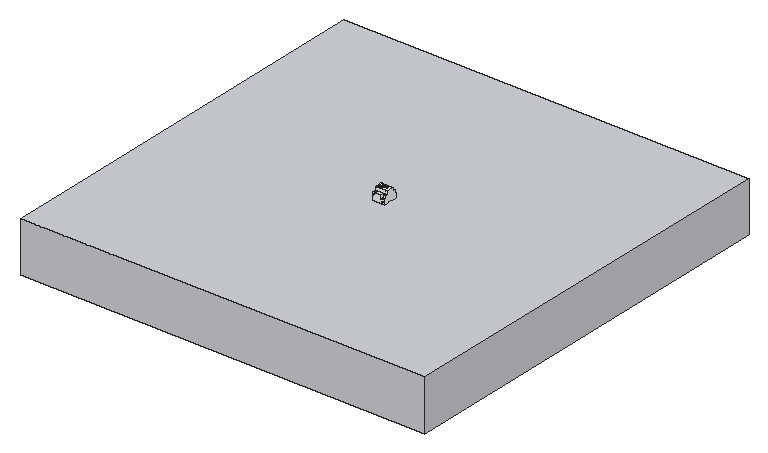
Revit family "Gira_216300", category Elektroinstallationen, Revit 2017
Family settings
  Basisbauteil = Fläche
  Beschriftungsausrichtung beibehalten = Nein
  Bemaßung runder Anschluss = Durchmesser verwenden
  Teiletyp = Normal
  Beim Laden mit Abzugskörper schneiden = Nein
  Gemeinsam genutzt = Nein
  Raumberechnungspunkt = Nein
Parameters (values of type "Fan Coil Aktor KNX REG")
  Zusammenstellung = ""
  Zulassung nach PTB = no
  Default Elevation = 1219.2 mm
  Vor Ort-/Handbedienung = no
  Verschiedene Phasen anschließbar = no
  URL = "https://www.gira.de/"
  Typname = "Fan Coil Aktor KNX REG"
  Type Comments = ""
  Tarifumschaltung = no
  Schutzart (IP) = ""
  S0 Impulsschnittstelle = ""
  Produktseite = "https://media.stage.bim.site/t/eyJhbGciOiJIUzI1NiIsInR5cCI6IkpXVCJ9.eyJjdCI6MiwidHUiOiJodHRwOi8va2F0YWxvZy5naXJhLmRlL2RlX0RFL2RhdGVuYmxhdHQuaHRtbD9hcnRpa2VsbnI9MjE2MzAwIiwiY2lkIjoiMzI3N2NjMjMtODFhOS00ZWUzLWE5MGEtYjQ3YmI0YzBiNjE2IiwicmlkIjoiOTE0NjYzOTk5MDk0OWZmY2E0YWNkMmE4OTJlM2Q2NjQiLCJwaWQiOiJlNTBhOGI5ZTExMDYyNGZjMzljNmQyZDBiM2FhNzZiNjE4NDMxN2JlIiwic2lkIjoiNjM0NzAiLCJ1dCI6MSwibGMiOiJkZSIsImlhdCI6MTYwMDkzMjUzNiwiaXNzIjoiaHR0cHM6Ly9hcGkubGl2ZS5iaW0uc2l0ZSIsInN1YiI6ImFkbWluQGJpbXNpdGUuZGV2In0.GERUVJsotfLL1zWdqta_mHi8urID8TjqKY9SIWa6F30"
  Montageart = "REG"
  Modulare Erweiterungsmöglichkeit = no
  Model = ""
  Mit LED-Anzeige = no
  Mit Busankopplung = no
  Max. Anzahl der Schaltausgänge = 2
  Kosten = 0
  Hersteller = "Gira"
  HeinzeBIM = "https://www.heinze.de/bim/fan-coil-aktor-knx-reg/e50a8b9e110624fc39c6d2d0b3aa76b6184317be"
  HAN = "216300"
  Geeignet für C-Last = no
  GTIN = "4010337059387"
  Datenblatt 1 = "https://media.stage.bim.site/t/eyJhbGciOiJIUzI1NiIsInR5cCI6IkpXVCJ9.eyJjdCI6MSwidGYiOiJwdWJsaWMvZ2lyYS9hZThjNTU3LzIxNjMwMC50eHQiLCJjaWQiOiIzMjc3Y2MyMy04MWE5LTRlZTMtYTkwYS1iNDdiYjRjMGI2MTYiLCJyaWQiOiI5MTQ2NjM5OTkwOTQ5ZmZjYTRhY2QyYTg5MmUzZDY2NCIsInBpZCI6ImU1MGE4YjllMTEwNjI0ZmMzOWM2ZDJkMGIzYWE3NmI2MTg0MzE3YmUiLCJzaWQiOiI2MzQ3MCIsInV0IjoxLCJsYyI6ImRlIiwiaWF0IjoxNjAwOTMyNTM2LCJpc3MiOiJodHRwczovL2FwaS5saXZlLmJpbS5zaXRlIiwic3ViIjoiYWRtaW5AYmltc2l0ZS5kZXYifQ.fJ5k89SCZ3ESrstxnHZRIFox0d2nTA3U3Halmq1x-G4/216300.txt"
  Datenblatt = "https://media.stage.bim.site/t/eyJhbGciOiJIUzI1NiIsInR5cCI6IkpXVCJ9.eyJjdCI6MSwidHUiOiJodHRwczovL2thdGFsb2cuZ2lyYS5kZS9kZV9ERS9kb3dubG9hZC5odG1sP2FydGlrZWxucj0yMTYzMDAiLCJjaWQiOiIzMjc3Y2MyMy04MWE5LTRlZTMtYTkwYS1iNDdiYjRjMGI2MTYiLCJyaWQiOiI5MTQ2NjM5OTkwOTQ5ZmZjYTRhY2QyYTg5MmUzZDY2NCIsInBpZCI6ImU1MGE4YjllMTEwNjI0ZmMzOWM2ZDJkMGIzYWE3NmI2MTg0MzE3YmUiLCJzaWQiOiI2MzQ3MCIsInV0IjoxLCJsYyI6ImRlIiwiaWF0IjoxNjAwOTMyNTM2LCJpc3MiOiJodHRwczovL2FwaS5saXZlLmJpbS5zaXRlIiwic3ViIjoiYWRtaW5AYmltc2l0ZS5kZXYifQ._lXrWSCF-98Omoc0D9cKTUxbJShBFtUNLKO2pcm8cxQ"
  Bussystem Powernet = no
  Bussystem LON = no
  Bussystem KNX-Funk = no
  Bussystem KNX = yes
  Bussystem Funkbus = no
  Busspannung pufferbar = no
  Busfähig = ""
  Breite in Teilungseinheiten = 4
  Blindleistung = no
  Beschreibung = "KNX Fan Coil Aktor  REG plus Merkmale:  Fan Coil Aktor zur Ansteuerung von Gebläsekonvektoren (Fan Coil Units), die zur Klimatisierung von Räumen eingesetzt werden.  Der Aktor empfängt Telegramme, z. B. von einem Raumtemperaturregler, und setzt die Stellgrößentelegramme in dazu äquivalente Lüfterstufen und Ventilstellungen um.  Anschluss eines Gebläsekonvektors mit bis zu sechs Lüfterstufen oder Anschluss von zwei Gebläsekonvektoren mit jeweils bis zu zwei Lüfterstufen bei 2-Rohr-Systemen.  Handbetätigung.  Baustellenbetrieb: Ausgänge manuell bedienbar ohne Busspannung nur mit der Betriebsspannung.  Betriebsarten für Heiz- oder Kühlbetrieb, oder kombinierten Heiz- und Kühlbetrieb.  2-Rohr- oder 4-Rohrbetrieb. 2-Rohrsystem heizt oder kühlt über eine gemeinsamen Wasserkreislauf. 4-Rohrsystem besteht aus getrennten Vor- und Rücklauf für das Heiz- und Kühlsystem.  Einzelnes oder hierarchisches Schalten der Lüfterstufen.  Rückmeldung, Ausgangsanzeige, Sperrfunktion für jeden Kanal, Stufenbegrenzung.  Verhalten bei Busspannungsausfall oder Bus- Netzspannungsausfall und nach einem ETS-Programmiervorgang konfigurierbar.  Grenzwerte einstellbar.  Zyklisches oder ereignisorientiertes Senden.  Freie Kanäle können für Schaltfunktionen, z. B. Raumbeleuchtung, genutzt werden.  Hinweise :  VDE-Zulassung gemäß EN 60669-1, EN 60669-2-1.  Montage auf DIN-Hutschiene."
  Assembly Code = ""
  Keynote = ""
  BIMSITE_PRODUCT_ID = "e50a8b9e110624fc39c6d2d0b3aa76b6184317be"
  BIM = "https://media.stage.bim.site/t/eyJhbGciOiJIUzI1NiIsInR5cCI6IkpXVCJ9.eyJjdCI6MSwidGYiOiJwdWJsaWMvZ2lyYS9hZThjNTU3L1JFRyA4Zi5yZmEiLCJjaWQiOiIzMjc3Y2MyMy04MWE5LTRlZTMtYTkwYS1iNDdiYjRjMGI2MTYiLCJyaWQiOiI5MTQ2NjM5OTkwOTQ5ZmZjYTRhY2QyYTg5MmUzZDY2NCIsInBpZCI6ImU1MGE4YjllMTEwNjI0ZmMzOWM2ZDJkMGIzYWE3NmI2MTg0MzE3YmUiLCJzaWQiOiI2MzQ3MCIsInV0Ijo1LCJsYyI6ImRlIiwiaWF0IjoxNjAwOTMyNTM2LCJpc3MiOiJodHRwczovL2FwaS5saXZlLmJpbS5zaXRlIiwic3ViIjoiYWRtaW5AYmltc2l0ZS5kZXYifQ.mJH26SUfNG8GmHu4VW3GlPIe3EO6LnpGcSjx0tIiZHo/REG 8f.rfa"
  Ausgangsstrom [Ampere] = ""
  Ausgangsspannung [Volt] = ""
  Ausführung Text = ""
  Art der Spannungsversorgung = ""
  Anzahl der binären Eingänge = 0
  Anzahl der Ausgänge = 0
  Anschlussart = ""
  Andere Bussysteme = "ohne"
Reference planes
  plane 1 "Center (Front/Back)": y = 0
  plane 2: z = 0
  plane 3 "Center (Left/Right)": x = 0
Forms (mm)
  Extrusion 1, solid
    sketch origin (0, 0, 0) x (1, 0, 0) y (0, 1, 0)
      loop
        line (-1219.2, 1219.2) -> (-1219.2, -1219.2) -> (1219.2, -1219.2) -> (1219.2, 1219.2) -> (-1219.2, 1219.2)
    from 0 to -304.8
  Extrusion 2, solid, material "White", detail levels fine
    sketch origin (0, 0, 0) x (0, 1, 0) y (0, 0, 1)
      loop
        line (45.125, -2.619) -> (45.125, 24.95) -> (33.875, 24.95) -> (33.875, 43.8) -> (22.575, 43.8) -> (22.575, 62.05)
        arc (22.575, 62.05) -> (22.311, 62.686) -> (21.675, 62.95) r 0.9
        line (21.675, 62.95) -> (-21.175, 62.95)
        arc (-21.175, 62.95) -> (-21.785, 62.758) -> (-22.175, 62.25) r 1.064
        line (-22.175, 62.25) -> (-22.175, 43.8) -> (-44.725, 43.8) -> (-44.725, -2.619)
        arc (-44.725, -2.619) -> (-31.081, -5.433) -> (-17.243, -7.049) r 160
        line (-17.243, -7.049) -> (-13.165, -1.734) -> (-16.399, -0.807) -> (-16.399, 0) -> (17.8, 0) -> (17.8, -1.4) -> (16.8, -1.4) -> (14.749, -4.952)
        arc (14.749, -4.952) -> (18.64, -6.184) -> (22.7, -6.6) r 20
        arc (22.7, -6.6) -> (33.983, -5.009) -> (45.125, -2.619) r 160
    from -36 to 36
  Extrusion 3, void, detail levels fine
    sketch origin (0, 0, 0) x (1, 0, 0) y (0, 1, 0)
      loop
        circle (30, 26.925) r 2.55
      loop
        circle (21.75, 26.925) r 2.55
      loop
        circle (12.75, 26.925) r 2.55
      loop
        circle (4.5, 26.925) r 2.55
      loop
        circle (-4.5, 26.925) r 2.55
      loop
        circle (-12.75, 26.925) r 2.55
      loop
        circle (-21.75, 26.925) r 2.55
      loop
        circle (-30, 26.925) r 2.55
    from 37.936 to 43.8
  Extrusion 4, void, detail levels fine
    sketch origin (0, 11.25, -18.85) x (1, 0, 0) y (0, 1, 0)
      loop
        circle (30, 26.925) r 2.55
      loop
        circle (21.75, 26.925) r 2.55
      loop
        circle (12.75, 26.925) r 2.55
      loop
        circle (4.5, 26.925) r 2.55
      loop
        circle (-4.5, 26.925) r 2.55
      loop
        circle (-12.75, 26.925) r 2.55
      loop
        circle (-21.75, 26.925) r 2.55
      loop
        circle (-30, 26.925) r 2.55
    from 37.936 to 43.8
  Extrusion 5, void, detail levels fine
    sketch origin (0, 0, 0) x (1, 0, 0) y (0, 1, 0)
      loop
        circle (-13, -3.875) r 3
      loop
        circle (-23, -3.875) r 3
      loop
        circle (-23, -13.875) r 3
      loop
        circle (-13, -13.875) r 3
      loop
        circle (-29, -3.875) r 1.575
      loop
        circle (-29, -13.875) r 1.575
      loop
        circle (-7, -13.875) r 1.575
      loop
        circle (-15.4, 5.325) r 1.625
      loop
        circle (-11, 5.325) r 1.575
      loop
        circle (-6.6, 5.325) r 1.625
      loop
        circle (-2.2, 5.325) r 1.625
      loop
        circle (2.2, 5.325) r 1.625
      loop
        circle (6.6, 5.325) r 1.625
      loop
        circle (11, 5.325) r 1.575
      loop
        circle (15.4, 5.325) r 1.625
    from 58.253 to 62.95
  Extrusion 6, void, detail levels fine
    sketch origin (0, 0, 0) x (1, 0, 0) y (0, 1, 0)
      loop
        line (-32.175, -32.6) -> (-32.175, -34.9) -> (-31.24, -34.36) -> (-31.401, -37.165) -> (-32.175, -36.7) -> (-32.175, -44.875) -> (-20.175, -44.875) -> (-20.175, -37.33) -> (-19.075, -37.965) -> (-19.075, -33.635) -> (-20.175, -34.27) -> (-20.175, -32.6) -> (-32.175, -32.6)
    from 28.5 to 43.8
  Extrusion 7, solid, detail levels fine
    sketch origin (0, 0, 0) x (1, 0, 0) y (0, 1, 0)
      loop
        circle (-29.375, -36.2) r 0.5
      loop
        circle (-23.575, -36.2) r 0.5
    from 28.5 to 37.5
  Extrusion 8, void, detail levels fine
    sketch origin (0, 0, 0) x (1, 0, 0) y (0, 1, 0)
      loop
        line (15.289, -31.489) -> (15.289, -44.875) -> (36, -44.875) -> (36, -31.489) -> (15.289, -31.489)
    from 25 to 43.8
  Extrusion 9, void, detail levels fine
    sketch origin (0, 0, 0) x (1, 0, 0) y (0, 1, 0)
      loop
        circle (21.75, -37.925) r 2.55
      loop
        circle (30, -37.925) r 2.55
    from 19.086 to 24.95
  Extrusion 10, void, detail levels fine
    sketch origin (0, 0, 0) x (1, 0, 0) y (0, 0, 1)
      loop
        line (32.368, 26.75) -> (32.35, 28.865) -> (32.319, 32.45) -> (27.731, 32.45) -> (27.682, 26.75) -> (32.368, 26.75)
      loop
        line (24.118, 26.75) -> (24.1, 28.865) -> (24.069, 32.45) -> (19.481, 32.45) -> (19.432, 26.75) -> (24.118, 26.75)
      loop
        line (15.118, 26.75) -> (15.1, 28.865) -> (15.069, 32.45) -> (10.481, 32.45) -> (10.432, 26.75) -> (15.118, 26.75)
      loop
        line (6.868, 26.75) -> (6.85, 28.865) -> (6.819, 32.45) -> (2.231, 32.45) -> (2.182, 26.75) -> (6.868, 26.75)
      loop
        line (-2.182, 26.75) -> (-2.2, 28.865) -> (-2.231, 32.45) -> (-6.819, 32.45) -> (-6.868, 26.75) -> (-2.182, 26.75)
      loop
        line (-10.432, 26.75) -> (-10.45, 28.865) -> (-10.481, 32.45) -> (-15.069, 32.45) -> (-15.118, 26.75) -> (-10.432, 26.75)
      loop
        line (-19.35, 26.75) -> (-19.369, 28.865) -> (-19.4, 32.45) -> (-23.987, 32.45) -> (-24.037, 26.75) -> (-19.35, 26.75)
      loop
        line (-27.682, 26.75) -> (-27.7, 28.865) -> (-27.731, 32.45) -> (-32.319, 32.45) -> (-32.368, 26.75) -> (-27.682, 26.75)
    from -29.206 to -33.875
  Extrusion 11, void, detail levels fine
    sketch origin (0, 11.25, -19.567) x (1, 0, 0) y (0, 0, 1)
      loop
        line (32.368, 26.75) -> (32.35, 28.865) -> (32.319, 32.45) -> (27.731, 32.45) -> (27.682, 26.75) -> (32.368, 26.75)
      loop
        line (24.118, 26.75) -> (24.1, 28.865) -> (24.069, 32.45) -> (19.481, 32.45) -> (19.432, 26.75) -> (24.118, 26.75)
      loop
        line (15.118, 26.75) -> (15.1, 28.865) -> (15.069, 32.45) -> (10.481, 32.45) -> (10.432, 26.75) -> (15.118, 26.75)
      loop
        line (6.868, 26.75) -> (6.85, 28.865) -> (6.819, 32.45) -> (2.231, 32.45) -> (2.182, 26.75) -> (6.868, 26.75)
      loop
        line (-2.182, 26.75) -> (-2.2, 28.865) -> (-2.231, 32.45) -> (-6.819, 32.45) -> (-6.868, 26.75) -> (-2.182, 26.75)
      loop
        line (-10.432, 26.75) -> (-10.45, 28.865) -> (-10.481, 32.45) -> (-15.069, 32.45) -> (-15.118, 26.75) -> (-10.432, 26.75)
      loop
        line (-19.35, 26.75) -> (-19.369, 28.865) -> (-19.4, 32.45) -> (-23.987, 32.45) -> (-24.037, 26.75) -> (-19.35, 26.75)
      loop
        line (-27.682, 26.75) -> (-27.7, 28.865) -> (-27.731, 32.45) -> (-32.319, 32.45) -> (-32.368, 26.75) -> (-27.682, 26.75)
    from -29.206 to -33.875
  Extrusion 12, void, detail levels fine
    sketch origin (0, 0, 0) x (1, 0, 0) y (0, 0, 1)
      loop
        line (32.319, 12.883) -> (27.731, 12.883) -> (27.682, 7.183) -> (32.368, 7.183) -> (32.35, 9.298) -> (32.319, 12.883)
      loop
        line (24.069, 12.883) -> (19.481, 12.883) -> (19.432, 7.183) -> (24.118, 7.183) -> (24.1, 9.298) -> (24.069, 12.883)
    from 40.588 to 44.725
  Extrusion 13, solid, material "White", detail levels fine
    sketch origin (0, 0, 0) x (1, 0, 0) y (0, 1, 0)
      loop
        circle (-15.4, 5.325) r 1.625
      loop
        circle (-11, 5.325) r 1.575
      loop
        circle (-6.6, 5.325) r 1.625
      loop
        circle (-2.2, 5.325) r 1.625
      loop
        circle (2.2, 5.325) r 1.625
      loop
        circle (6.6, 5.325) r 1.625
      loop
        circle (11, 5.325) r 1.575
      loop
        circle (15.4, 5.325) r 1.625
      loop
        circle (-29, -3.875) r 1.575
      loop
        circle (-29, -13.875) r 1.575
      loop
        circle (-7, -13.875) r 1.575
    from 58.253 to 62.25
  Extrusion 14, solid, material "White", detail levels fine
    sketch origin (0, 0, 0) x (1, 0, 0) y (0, 1, 0)
      loop
        circle (-23, -3.875) r 3
      loop
        circle (-13, -3.875) r 3
      loop
        circle (-23, -13.875) r 3
      loop
        circle (-13, -13.875) r 3
    from 58.253 to 63.841
  Extrusion 15, solid, material "White", detail levels medium
    sketch origin (0, 0, 0) x (0, 1, 0) y (0, 0, 1)
      loop
        line (45.125, -7.049) -> (45.125, 24.95) -> (33.875, 24.95) -> (33.875, 43.8) -> (22.575, 43.8) -> (22.575, 63.841) -> (-22.175, 63.841) -> (-22.175, 43.8) -> (-44.725, 43.8) -> (-44.725, -7.049) -> (45.125, -7.049)
    from -36 to 36
  Extrusion 16, solid, material "White", detail levels coarse
    sketch origin (0, 0, 0) x (0, 1, 0) y (0, 0, 1)
      loop
        line (45.125, -7.049) -> (45.125, 63.841) -> (-44.725, 63.841) -> (-44.725, -7.049) -> (45.125, -7.049)
    from -36 to 36
Cuts and joins
  Extrusion 3, Extrusion 4, Extrusion 5, Extrusion 6, Extrusion 8, Extrusion 9, Extrusion 10, Extrusion 11, Extrusion 12 cuts Extrusion 2
Dimensions and locks
  aligned and locked: plane 2 to Extrusion 1
  aligned and locked: level to Extrusion 1
